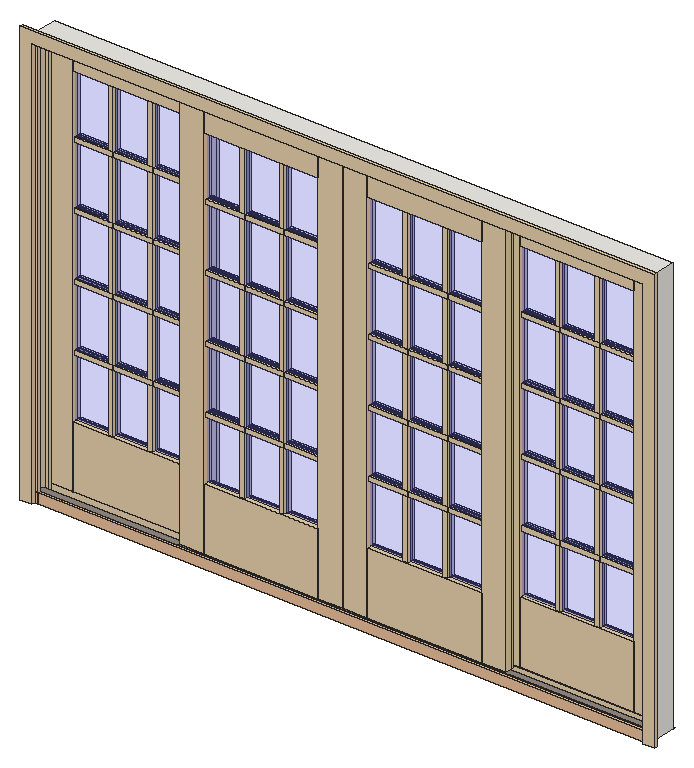
Revit family "Door-Gliding-Andersen-E_Series-Quad", category Doors, host Wall, Revit 2019 (continued)
Definition of nested family "Gliding_Panel"
  Nested families (in)
    nested 4: "Andersen Grille Bar" at (0, 0.5, 17.54688) x (0, 0, 1) z (0, 1, 0), Bar Length <- "H DLO", visible <- "BS S H", Bar Width <- "Grille Bar Size", type "Andersen Grille Bar"
      with Glass / 2 0' - 0 3/16", Glass 0' - 0 3/4", Center Line Length 2' - 5 1/4", Center Line 2, Bar Width 0' - 0 7/8", Bar Length 2' - 5 1/4"
    nested 5: "Andersen Grille Bar" at (0, 0.5, 9.92969) x (0, 0, 1) z (0, 1, 0), Bar Length <- "H DLO", visible <- "BS M H", Bar Width <- "Grille Bar Size", type "Andersen Grille Bar"
      with Glass / 2 0' - 0 3/16", Glass 0' - 0 3/4", Center Line Length 2' - 5 1/4", Center Line 2, Bar Width 0' - 0 7/8", Bar Length 2' - 5 1/4"
    nested 6: "Andersen Grille Bar" at (0, 0.5, 42) x (-1, 0, 0) z (0, 1, 0), Bar Length <- "TS V Bar Length", visible <- "TS S V", Bar Width <- "Grille Bar Size", type "Andersen Grille Bar"
      with Glass / 2 0' - 0 3/16", Glass 0' - 0 3/4", Center Line Length 6' - 6 1/2", Center Line 2, Bar Width 0' - 0 7/8", Bar Length 6' - 6 1/2"
    nested 7: "Andersen Grille Bar" at (-5.02083, 0.5, 42) x (-1, 0, 0) z (0, 1, 0), Bar Length <- "TS V Bar Length", visible <- "TS M V", Bar Width <- "Grille Bar Size", type "Andersen Grille Bar"
      with Glass / 2 0' - 0 3/16", Glass 0' - 0 3/4", Center Line Length 6' - 6 1/2", Center Line 2, Bar Width 0' - 0 7/8", Bar Length 6' - 6 1/2"
    nested 8: "Andersen Grille Bar" at (5.02083, 0.5, 42) x (-1, 0, 0) z (0, 1, 0), Bar Length <- "TS V Bar Length", visible <- "TS M V", Bar Width <- "Grille Bar Size", type "Andersen Grille Bar"
      with Glass / 2 0' - 0 3/16", Glass 0' - 0 3/4", Center Line Length 6' - 6 1/2", Center Line 2, Bar Width 0' - 0 7/8", Bar Length 6' - 6 1/2"
    nested 9: "Andersen Grille Bar" at (0, 0.5, 17.54687) x (-1, 0, 0) z (0, 1, 0), Bar Length <- "BS V DLO", visible <- "BS S V", Bar Width <- "Grille Bar Size", type "Andersen Grille Bar"
      with Glass / 2 0' - 0 3/16", Glass 0' - 0 3/4", Center Line Length 2' - 5 19/32", Center Line 2, Bar Width 0' - 0 7/8", Bar Length 2' - 5 19/32"
    nested 10: "Andersen Grille Bar" at (-5.02083, 0.5, 17.54687) x (-1, 0, 0) z (0, 1, 0), Bar Length <- "BS V DLO", visible <- "BS M V", Bar Width <- "Grille Bar Size", type "Andersen Grille Bar"
      with Glass / 2 0' - 0 3/16", Glass 0' - 0 3/4", Center Line Length 2' - 5 19/32", Center Line 2, Bar Width 0' - 0 7/8", Bar Length 2' - 5 19/32"
    nested 11: "Andersen Grille Bar" at (5.02083, 0.5, 17.54687) x (-1, 0, 0) z (0, 1, 0), Bar Length <- "BS V DLO", visible <- "BS M V", Bar Width <- "Grille Bar Size", type "Andersen Grille Bar"
      with Glass / 2 0' - 0 3/16", Glass 0' - 0 3/4", Center Line Length 2' - 5 19/32", Center Line 2, Bar Width 0' - 0 7/8", Bar Length 2' - 5 19/32"
    nested 12: "Andersen Grille Bar" at (0, 0.5, 42) x (0, 0, 1) z (0, 1, 0), Bar Length <- "H DLO", visible <- "TS S H", Bar Width <- "Horizontal Craftsman Bar Size", type "Andersen Grille Bar"
      with Glass / 2 0' - 0 3/16", Glass 0' - 0 3/4", Center Line Length 2' - 5 1/4", Center Line 2, Bar Width 0' - 0 7/8", Bar Length 2' - 5 1/4"
    nested 13: "Andersen Grille Bar" at (0, 0.5, 42) x (0, 0, 1) z (0, 1, 0), Bar Length <- "H DLO", visible <- "TS S H Craftsman", Bar Width <- "Grille Bar Size", type "Andersen Grille Bar"
      with Glass / 2 0' - 0 3/16", Glass 0' - 0 3/4", Center Line Length 2' - 5 1/4", Center Line 2, Bar Width 0' - 0 7/8", Bar Length 2' - 5 1/4"
    nested 14: "Andersen Grille Bar" at (0, 0.5, 17.54687) x (0, 0, 1) z (0, 1, 0), Bar Length <- "H DLO", visible <- "BS M H", Bar Width <- "Grille Bar Size", type "Andersen Grille Bar"
      with Glass / 2 0' - 0 3/16", Glass 0' - 0 3/4", Center Line Length 2' - 5 1/4", Center Line 2, Bar Width 0' - 0 7/8", Bar Length 2' - 5 1/4"
  Definition of nested family "Andersen Grille Bar"
    Parameters
      Interior Bar Visibility = yes
      Interior Bar Material = none
      Glass / 2 [instance] = (Glass / 2) - 0' 0 3/16"  # 0' - 0 1/8"
      Glass [instance] = 0' - 0 5/8"
      Exterior Bar Visibility = yes
      Exterior Bar Finish = none
      Default Elevation = 4' - 0"
      Center Line Length [instance] = if(Center Line = 1, Bar Length + (Bar Width / 2), Bar Length)  # 0' - 4 7/16"
      Center Line [instance] = 1
      Between Glass Bar Visibility = yes
      Between Glass Bar Finish = none
      Bar Width [instance] = 0' - 0 7/8"
      Bar Length [instance] = 0' - 4"
    Reference planes (in)
      plane 1 "Center (Front/Back)": y = 0
      plane 2 "a": z = 0
      plane 3 "Center (Left/Right)": x = 0
      plane 4 "1": x = -0.4375
      plane 5 "2": x = 0.4375
      plane 6: y = 2
      plane 7: y = -2
      plane 8 "b": z = -0.625
      plane 9: z = -0.125
      plane 10: y = -2.4375
      plane 11 "a1": z = 12
      plane 12 "a2": z = -12
    Forms (in)
      Extrusion 1, solid
        sketch origin (0, 0, 0) x (1, 0, 0) y (0, 1, 0)
          loop
            line (-48, 48) -> (-48, -48) -> (48, -48) -> (48, 48) -> (-48, 48)
        from 0 to -12
      Extrusion 2, solid, material <- "Exterior Bar Finish", visible <- "Exterior Bar Visibility", detail levels fine
        sketch origin (0, 0, 0) x (1, 0, 0) y (0, 1, 0)
          loop
            line (-0.4375, 2) -> (-0.4375, -2) -> (0.4375, -2) -> (0.4375, 2) -> (-0.4375, 2)
        from 0 to 0.375
      Extrusion 3, solid, material <- "Between Glass Bar Finish", visible <- "Between Glass Bar Visibility", detail levels fine
        sketch origin (0, 0, 0) x (1, 0, 0) y (0, 1, 0)
          loop
            line (-0.4375, 2) -> (-0.4375, -2) -> (0.4375, -2) -> (0.4375, 2) -> (-0.4375, 2)
        from -0.5 to -0.125
      Extrusion 4, solid, material <- "Interior Bar Material", visible <- "Interior Bar Visibility", detail levels fine
        sketch origin (0, 0, 0) x (1, 0, 0) y (0, 1, 0)
          loop
            line (-0.4375, 2) -> (-0.4375, -2) -> (0.4375, -2) -> (0.4375, 2) -> (-0.4375, 2)
        from -1 to -0.625
    Lines and regions (in)
      model lines, detail levels coarse+medium
        curve 1: line (0, 2, 0) -> (0, -2.4375, 0)
      symbolic lines, detail levels coarse+medium
        curve 2: line (0, 2, 12) -> (0, -2.4375, 12)
        curve 3: line (0, 2, -12) -> (0, -2.4375, -12)
      model lines, not visible, detail levels coarse
        curve 4: line (0, 0, 12) -> (0, 0, -12)
      symbolic lines, detail levels fine
        curve 5: line (-0.4375, 2, 0) -> (-0.4375, -2, 0)
        curve 6: line (0.4375, 2, 0) -> (0.4375, -2, 0)
    Dimensions and locks (in)
      "Glass": plane 2 "a" to plane 8 "b"
      "Glass / 2": plane 2 "a" to plane 9
      locked: Extrusion 2 to Extrusion 2 at 0.375
      locked: plane 9 to Extrusion 3 at 0.375
      locked: plane 8 "b" to Extrusion 4 at 0.375
      equal spacing: plane 4 "1", plane 3 "Center (Left/Right)", plane 5 "2"
      equal spacing: plane 6, plane 1 "Center (Front/Back)", plane 7
      "Bar Width": plane 4 "1" to plane 5 "2"
      "Bar Length": plane 6 to plane 7
      "Center Line Length": plane 6 to plane 10
      locked: plane 11 "a1" to plane 2 "a" at 12
      locked: plane 2 "a" to plane 12 "a2" at 12
      aligned and locked: plane 2 "a" to Extrusion 1
      aligned and locked: level to Extrusion 1
      aligned and locked: Extrusion 2 to plane 2 "a"
      aligned and locked: Extrusion 2 to plane 4 "1"
      aligned and locked: plane 5 "2" to Extrusion 2
      aligned and locked: plane 6 to Extrusion 2
      aligned and locked: Extrusion 2 to plane 7
      aligned and locked: plane 9 to Extrusion 3
      aligned and locked: Extrusion 3 to plane 4 "1"
      aligned and locked: plane 5 "2" to Extrusion 3
      aligned and locked: plane 6 to Extrusion 3
      aligned and locked: Extrusion 3 to plane 7
      aligned and locked: plane 8 "b" to Extrusion 4
      aligned and locked: Extrusion 4 to plane 4 "1"
      aligned and locked: plane 5 "2" to Extrusion 4
      aligned and locked: plane 6 to Extrusion 4
      aligned and locked: Extrusion 4 to plane 7
      aligned and locked: plane 6 to curve 1
      aligned and locked: plane 10 to curve 1
      aligned and locked: curve 1 to plane 3 "Center (Left/Right)"
      aligned and locked: plane 6 to curve 2
      aligned and locked: plane 10 to curve 2
      aligned and locked: curve 2 to plane 3 "Center (Left/Right)"
      aligned and locked: plane 6 to curve 3
      aligned and locked: plane 10 to curve 3
      aligned and locked: curve 3 to plane 3 "Center (Left/Right)"
      aligned and locked: plane 11 "a1" to curve 4
      aligned and locked: plane 12 "a2" to curve 4
      aligned and locked: curve 4 to plane 1 "Center (Front/Back)"
      aligned and locked: plane 6 to curve 5
      aligned and locked: plane 6 to curve 6
      aligned and locked: plane 7 to curve 6
      aligned and locked: plane 7 to curve 5
      aligned and locked: curve 5 to plane 4 "1"
      aligned and locked: curve 6 to plane 5 "2"
    Automatic sketch dimensions
      Extrusion 1 sketch curve to Extrusion 1 sketch curve = 8' - 0"  (x2)
      plane 7 to Extrusion 2 sketch curve = 0' - 0"
      Extrusion 2 sketch curve to plane 5 "2" = 0' - 0 7/8"
      Extrusion 2 sketch curve to plane 6 = 0' - 0"
      Extrusion 2 sketch curve to Extrusion 2 sketch curve = 0' - 0 7/8"
      plane 7 to Extrusion 3 sketch curve = 0' - 0"
      Extrusion 3 sketch curve to plane 5 "2" = 0' - 0 7/8"
      Extrusion 3 sketch curve to plane 6 = 0' - 0"
      Extrusion 3 sketch curve to Extrusion 3 sketch curve = 0' - 0 7/8"
      Extrusion 4 sketch curve to plane 7 = 0' - 0"
      Extrusion 4 sketch curve to plane 5 "2" = 0' - 0 7/8"
      Extrusion 4 sketch curve to plane 6 = 0' - 0"
      Extrusion 4 sketch curve to Extrusion 4 sketch curve = 0' - 0 7/8"
Types in the file's own list only (9): name | Rough Width | Rough Height | Masonry Width | Masonry Height | LWide | . . Lights Wide | . . Top Light Lights High | . . Bottom Light Lights High | VGB DLO | V Bars | TS V DLO | TS V Bar Length | TS SH DLO | TS HGB DLO | TS H Bars | Panel Width | H DLO | Height | Width | Designation | BS V DLO | BS SH DLO | BS S H
  9' 10-1/4" x 6' 8" | 9' - 10 3/4" | 6' - 8 1/2" | 9' - 10 3/4" | 6' - 8 1/2" | 3 | 3 | 5 | 1 | 2' - 10 27/32" | 2 | 5' - 8" | 5' - 8" | 3' - 4" | 1' - 0 29/32" | 4 | 2' - 7 3/16" | 8' - 10 1/4" | 6' - 8" | 9' - 10 1/4" | "4PGP10068" | 5' - 8" | 3' - 4" | No
  9' 10-1/4" x 6' 10" | 9' - 10 3/4" | 6' - 10 1/2" | 9' - 10 3/4" | 6' - 10 1/2" | 3 | 3 | 5 | 1 | 2' - 10 27/32" | 2 | 5' - 10" | 5' - 10" | 3' - 5" | 1' - 1 5/16" | 4 | 2' - 7 3/16" | 8' - 10 1/4" | 6' - 10" | 9' - 10 1/4" | "4PGP100610" | 5' - 10" | 3' - 5" | No
  9' 10-1/4" x 8' 0" | 9' - 10 3/4" | 8' - 0 1/2" | 9' - 10 3/4" | 8' - 0 1/2" | 3 | 3 | 6 | 1 | 2' - 10 27/32" | 2 | 7' - 0" | 7' - 0" | 4' - 0" | 1' - 1 9/32" | 5 | 2' - 7 3/16" | 8' - 10 1/4" | 8' - 0" | 9' - 10 1/4" | "4PGP10080" | 7' - 0" | 4' - 0" | No
  11' 10-1/4" x 6' 8" | 11' - 10 3/4" | 6' - 8 1/2" | 11' - 10 3/4" | 6' - 8 1/2" | 3 | 3 | 5 | 1 | 3' - 6 27/32" | 2 | 5' - 8" | 5' - 8" | 3' - 4" | 1' - 0 29/32" | 4 | 3' - 1 3/16" | 10' - 10 1/4" | 6' - 8" | 11' - 10 1/4" | "4PGP12068" | 5' - 8" | 3' - 4" | No
  11' 10-1/4" x 6' 10" | 11' - 10 3/4" | 6' - 10 1/2" | 11' - 10 3/4" | 6' - 10 1/2" | 3 | 3 | 5 | 1 | 3' - 6 27/32" | 2 | 5' - 10" | 5' - 10" | 3' - 5" | 1' - 1 5/16" | 4 | 3' - 1 3/16" | 10' - 10 1/4" | 6' - 10" | 11' - 10 1/4" | "4PGP120610" | 5' - 10" | 3' - 5" | No
  11' 10-1/4" x 8' 0" | 11' - 10 3/4" | 8' - 0 1/2" | 11' - 10 3/4" | 8' - 0 1/2" | 3 | 3 | 6 | 1 | 3' - 6 27/32" | 2 | 7' - 0" | 7' - 0" | 4' - 0" | 1' - 1 9/32" | 5 | 3' - 1 3/16" | 10' - 10 1/4" | 8' - 0" | 11' - 10 1/4" | "4PGP12080" | 7' - 0" | 4' - 0" | No
  15' 10-1/4" x 6' 8" | 15' - 10 3/4" | 6' - 8 1/2" | 15' - 10 3/4" | 6' - 8 1/2" | 4 | 4 | 5 | 1 | 3' - 7 29/32" | 3 | 5' - 8" | 5' - 8" | 3' - 4" | 1' - 0 29/32" | 4 | 4' - 1 3/16" | 14' - 10 1/4" | 6' - 8" | 15' - 10 1/4" | "4PGP16068" | 5' - 8" | 3' - 4" | No
  15' 10-1/4" x 6' 10" | 15' - 10 3/4" | 6' - 10 1/2" | 15' - 10 3/4" | 6' - 10 1/2" | 4 | 4 | 5 | 1 | 3' - 7 29/32" | 3 | 5' - 10" | 5' - 10" | 3' - 5" | 1' - 1 5/16" | 4 | 4' - 1 3/16" | 14' - 10 1/4" | 6' - 10" | 15' - 10 1/4" | "4PGP160610" | 5' - 10" | 3' - 5" | No
  15' 10-1/4" x 8' 0" | 15' - 10 3/4" | 8' - 0 1/2" | 15' - 10 3/4" | 8' - 0 1/2" | 4 | 4 | 6 | 1 | 3' - 7 29/32" | 3 | 7' - 0" | 7' - 0" | 4' - 0" | 1' - 1 9/32" | 5 | 4' - 1 3/16" | 14' - 10 1/4" | 8' - 0" | 15' - 10 1/4" | "4PGP16080" | 7' - 0" | 4' - 0" | No
